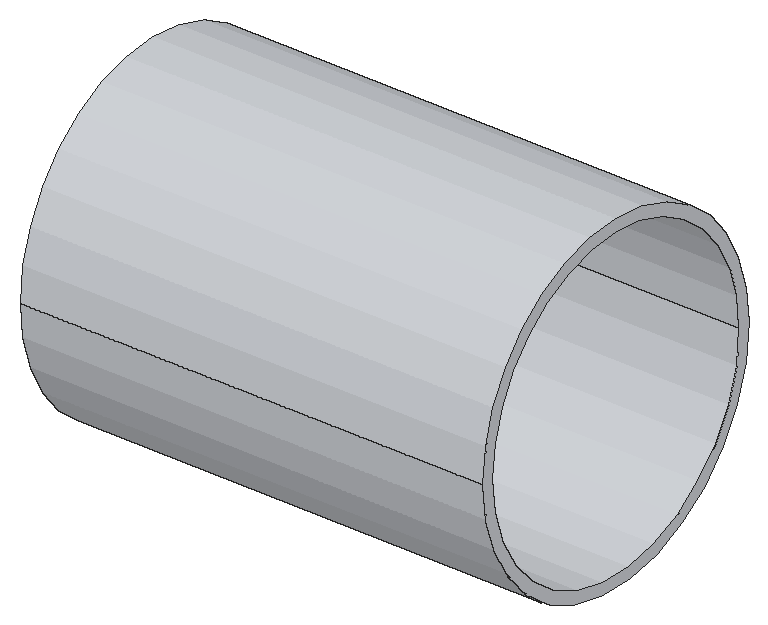
Revit family "支撑轴力", category Generic Models, Revit 2016
Family settings
  Part Type = Normal
  Can host rebar = No
  Round Connector Dimension = Use Diameter
  Work Plane-Based = No
  Cut with Voids When Loaded = No
  Shared = No
  Room Calculation Point = No
Parameters
  测点编号 [instance] = ""
  built-in parameter 1001306 [instance] = 1200 mm
  直径 = 800 mm
  监测数据 [instance] = ""
  外径 = 直径 + 2 * 壁厚  # 860 mm
  壁厚 = 30 mm
Reference planes
  plane 1 "中心(前/后)": y = 0
  plane 2: z = 0
  plane 3 "左": x = 0
  plane 4 "右": x = 1200
Forms (mm)
  Extrusion 1, solid
    sketch origin (0, 0, 0) x (0, 1, 0) y (0, 0, 1)
      loop
        circle (0, 0) r 430
    from 0 to 1200
  Extrusion 2, void
    sketch origin (0, 0, 0) x (0, 1, 0) y (0, 0, 1)
      loop
        circle (0, 0) r 400
    from 0 to 1200
Cuts and joins
  Extrusion 2 cuts Extrusion 1
Lines and regions (mm)
  reference lines
    curve 1: line (0, 0, 0) -> (1200, 0, 0)
Dimensions and locks
  "built-in parameter 1001306": plane 3 "左" to plane 4 "右"
  "外径": diameter of Extrusion 1 sketch curve
  "直径": diameter of Extrusion 2 sketch curve
  aligned and locked: plane 4 "右" to curve 1
  aligned and locked: plane 1 "中心(前/后)" to curve 1
  aligned and locked: plane 3 "左" to curve 1
  aligned and locked: level to plane 2
  aligned and locked: Extrusion 1 to plane 4 "右"
  aligned and locked: Extrusion 1 to plane 3 "左"
  aligned and locked: cut or joined group of Extrusion 1, Extrusion 2 to plane 4 "右"
  aligned and locked: cut or joined group of Extrusion 1, Extrusion 2 to plane 3 "左"
Automatic sketch dimensions
  Extrusion 1 sketch curve to level = 0 mm
  Extrusion 1 sketch curve to plane 1 "中心(前/后)" = 0 mm
  Extrusion 2 sketch curve to level = 0 mm
  Extrusion 2 sketch curve to plane 1 "中心(前/后)" = 0 mm
